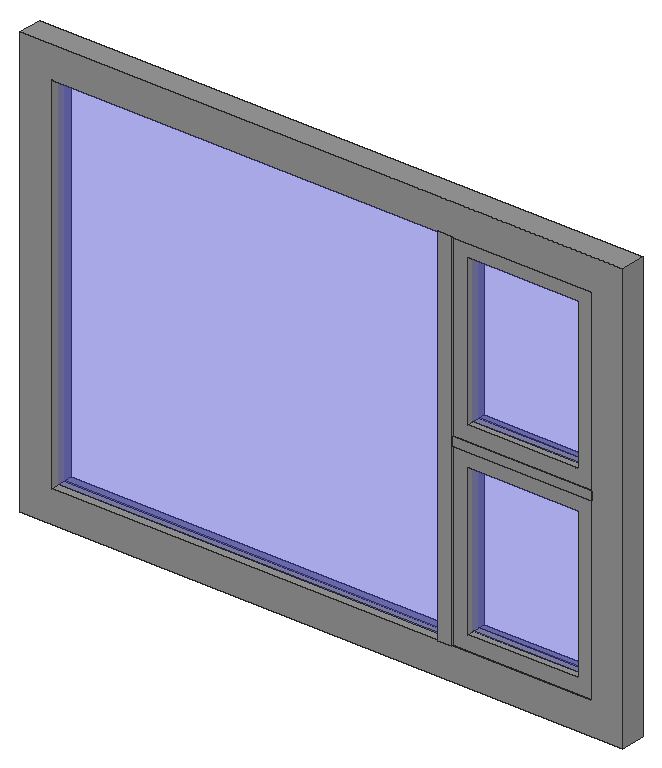
Revit family "Family41", category Windows, host Wall, Revit 2018
Family settings
  Host = Wall
  OmniClass Number = 23.30.20.00
  OmniClass Title = Windows
  Always vertical = Yes
  Cut with Voids When Loaded = No
  Shared = No
  Room Calculation Point = No
Parameters
  Window Frame = White
  Visual Light Transmittance = 0.81
  URL = "www.skywardwindows.co.za"
  Thermal Resistance (R) = 0.3196 (m²·K)/W
  Telephone = "021 276 1800"
  Solar Heat Gain Coefficient = 0.76
  Manufacturer = "Skyward Windows"
  Height = 1490 mm
  Heat Transfer Coefficient (U) = 3.1292 W/(m²·K)
  Glass Thickness = 4 mm
  Glass = Glass
  Frame Width = 46.195 mm
  Email Address = "info@skywardwindows.co.za"
  Default Sill Height = 800 mm
  Wall Closure = By host
  Width = 2090 mm
  Company Address = "Charles Matthews Street Atlantis 7349"
  Analytic Construction = "Double glazing - domestic"
Reference planes
  plane 1 "Center (Front/Back)": y = 0
  plane 2 "Center (Left/Right)": x = 0
  plane 3 "Left": x = -1045
  plane 4 "Right": x = 1045
  plane 5 "Sill": z = 800
  plane 6 "Head": z = 2290
  plane 7 "Exterior": y = 100
  plane 8 "Interior": y = -100
Forms (mm)
  Extrusion 1, solid, material "White" <- "Window Frame"
    sketch origin (0, -100, 0) x (1, 0, 0) y (0, 0, 1)
      loop
        line (-1045, 2290) -> (-1045, 800) -> (1045, 800) -> (1045, 2290) -> (-1045, 2290)
      loop
        line (-936, 909) -> (936, 909) -> (936, 2181) -> (-936, 2181) -> (-936, 909)
    from -142 to -58
  Extrusion 2, solid, material "White" <- "Window Frame"
    sketch origin (0, -100, 0) x (1, 0, 0) y (0, 0, 1)
      loop
        line (450, 2181) -> (450, 1560) -> (936, 1560) -> (936, 2181) -> (450, 2181)
      loop
        line (500, 2131) -> (500, 1610) -> (886, 1610) -> (886, 2131) -> (500, 2131)
    from -134.904 to -64.489
  Extrusion 3, solid, material "White" <- "Window Frame"
    sketch origin (150, -100, 0) x (1, 0, 0) y (0, 0, 1)
      loop
        line (300, 2181) -> (253.805, 2181) -> (253.805, 909) -> (300, 909) -> (300, 2181)
    from -142 to -58
  Extrusion 4, solid, material "Glass" <- "Glass"
    sketch origin (0, 0, 0) x (1, 0, 0) y (0, 1, 0)
      loop
        line (-936, 14) -> (-936, 10) -> (403.805, 10) -> (403.805, 14) -> (-936, 14)
      loop
        line (403.805, -14) -> (403.805, -10) -> (-936, -10) -> (-936, -14) -> (403.805, -14)
    from 909 to 2181
  Extrusion 5, solid, material "Glass" <- "Glass"
    sketch origin (0, 0, 0) x (1, 0, 0) y (0, 1, 0)
      loop
        line (500, 14) -> (500, 10) -> (886, 10) -> (886, 14) -> (500, 14)
      loop
        line (886, -14) -> (886, -10) -> (500, -10) -> (500, -14) -> (886, -14)
    from 1610 to 2131
  Extrusion 6, solid, material "White" <- "Window Frame"
    sketch origin (0, -100, -651) x (1, 0, 0) y (0, 0, 1)
      loop
        line (450, 2181) -> (450, 1560) -> (936, 1560) -> (936, 2181) -> (450, 2181)
      loop
        line (500, 2131) -> (500, 1610) -> (886, 1610) -> (886, 2131) -> (500, 2131)
    from -134.904 to -64.489
  Extrusion 7, solid, material "Glass" <- "Glass"
    sketch origin (0, 0, -651) x (1, 0, 0) y (0, 1, 0)
      loop
        line (500, 14) -> (500, 10) -> (886, 10) -> (886, 14) -> (500, 14)
      loop
        line (886, -14) -> (886, -10) -> (500, -10) -> (500, -14) -> (886, -14)
    from 1610 to 2131
  Extrusion 8, solid, material "White" <- "Window Frame"
    sketch origin (0, -100, 0) x (1, 0, 0) y (0, 0, 1)
      loop
        line (450, 1560) -> (450, 1530) -> (936, 1530) -> (936, 1560) -> (450, 1560)
    from -142 to -58
Lines and regions (mm)
  Opening 1
    outline origin (3500, -100, 0) x (1, 0, 0) y (0, 0, 1)
      loop
        line (-2455, 800) -> (-2455, 2290) -> (-4545, 2290) -> (-4545, 800) -> (-2455, 800)
Text (mm)
  text "EXTERIOR" at (-1963.203, 1332.353, 0), in view "Ref. Level"
  text "INTERIOR" at (-1981.466, -818.386, 0), in view "Ref. Level"
  text "Exterior" at (0, 923.751, 2943.296), in view "Right"
  text "Exterior" at (0, 1040.484, 2685.409), in view "Left"
Dimensions and locks
  equal spacing: plane 3 "Left", plane 2 "Center (Left/Right)", plane 4 "Right"
  "Width": plane 3 "Left" to plane 4 "Right"
  "Height": plane 5 "Sill" to plane 6 "Head"
  "Default Sill Height": plane 5 "Sill" to level
  locked: plane 7 "Exterior" to host wall at 0
  locked: plane 8 "Interior" to host wall
  "Glass Thickness": Extrusion 4 to Extrusion 4
  "Glass Thickness": Extrusion 5 to Extrusion 5
  aligned and locked: Extrusion 1 sketch curve to host wall  (x4)
Automatic sketch dimensions
  plane 3 "Left" to Opening 1 sketch curve = 0 mm
  plane 4 "Right" to Opening 1 sketch curve = 0 mm
  Opening 1 sketch curve to plane 5 "Sill" = 0 mm
  Opening 1 sketch curve to plane 6 "Head" = 0 mm
  Extrusion 1 sketch curve to plane 3 "Left" = 109 mm
  plane 4 "Right" to Extrusion 1 sketch curve = 109 mm
  Extrusion 1 sketch curve to plane 5 "Sill" = 109 mm
  plane 6 "Head" to Extrusion 1 sketch curve = 109 mm
  Extrusion 2 sketch curve to plane 2 "Center (Left/Right)" = 450 mm
  Extrusion 2 sketch curve to Extrusion 2 sketch curve = 50 mm  (x4)
  plane 4 "Right" to Extrusion 2 sketch curve = 159 mm
  plane 6 "Head" to Extrusion 2 sketch curve = 730 mm
  plane 6 "Head" to Extrusion 2 sketch curve = 159 mm
  plane 6 "Head" to Extrusion 3 sketch curve = 109 mm
  Extrusion 3 sketch curve to plane 2 "Center (Left/Right)" = 403.805 mm
  Extrusion 3 sketch curve to Extrusion 3 sketch curve = 46.195 mm
  Extrusion 3 sketch curve to plane 5 "Sill" = 109 mm
  Extrusion 4 sketch curve to host wall = 14 mm
  Extrusion 4 sketch curve to plane 3 "Left" = 109 mm
  Extrusion 4 sketch curve to Extrusion 4 sketch curve = 0 mm  (x2)
  Extrusion 4 sketch curve to plane 2 "Center (Left/Right)" = 403.805 mm
  host wall to Extrusion 4 sketch curve = 10 mm
  Extrusion 4 sketch curve to Extrusion 4 sketch curve = 4 mm  (x2)
  Extrusion 5 sketch curve to host wall = 14 mm
  Extrusion 5 sketch curve to plane 2 "Center (Left/Right)" = 500 mm
  Extrusion 5 sketch curve to Extrusion 5 sketch curve = 0 mm  (x2)
  plane 4 "Right" to Extrusion 5 sketch curve = 159 mm
  host wall to Extrusion 5 sketch curve = 10 mm
  Extrusion 5 sketch curve to Extrusion 5 sketch curve = 4 mm  (x2)
  Extrusion 6 sketch curve to plane 5 "Sill" = 109 mm
  Extrusion 6 sketch curve to plane 2 "Center (Left/Right)" = 450 mm
  Extrusion 6 sketch curve to Extrusion 6 sketch curve = 50 mm  (x4)
  plane 4 "Right" to Extrusion 6 sketch curve = 159 mm
  Extrusion 6 sketch curve to Extrusion 6 sketch curve = 521 mm
  Extrusion 7 sketch curve to host wall = 14 mm
  Extrusion 7 sketch curve to plane 2 "Center (Left/Right)" = 500 mm
  Extrusion 7 sketch curve to Extrusion 7 sketch curve = 0 mm  (x2)
  plane 4 "Right" to Extrusion 7 sketch curve = 159 mm
  host wall to Extrusion 7 sketch curve = 10 mm
  Extrusion 7 sketch curve to Extrusion 7 sketch curve = 4 mm  (x2)
  Extrusion 8 sketch curve to plane 2 "Center (Left/Right)" = 450 mm
  plane 4 "Right" to Extrusion 8 sketch curve = 109 mm
  Extrusion 8 sketch curve to plane 5 "Sill" = 730 mm
  Extrusion 8 sketch curve to Extrusion 8 sketch curve = 30 mm
